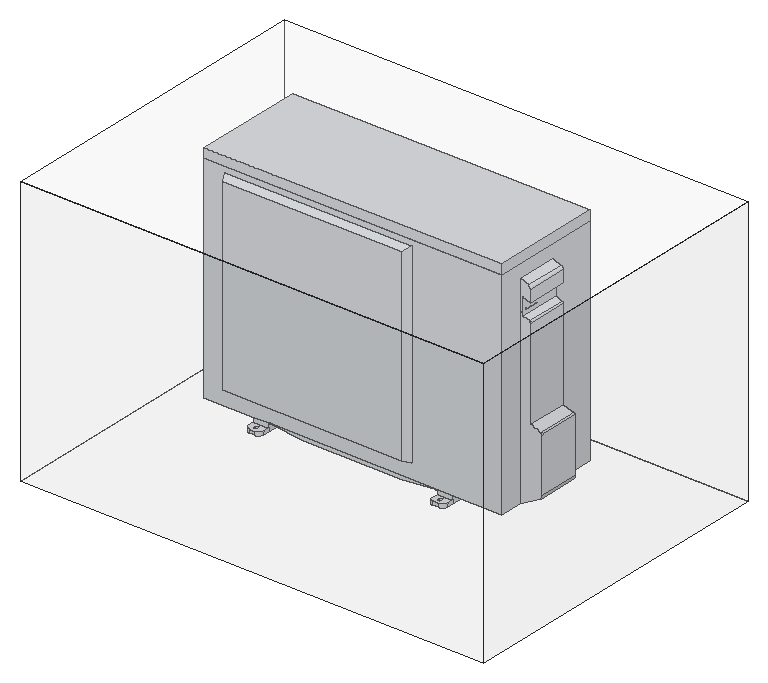
Revit family "puz-ermp40_63ska12_60Hz", category 機械設備, Revit 2019
Family settings
  丸型コネクタ寸法 = 直径を使用
  パーツ タイプ = 標準
  OmniClass 番号 = 23.75.10.24.21.27.27
  OmniClass タイトル = Split System Air Conditioning Units
  作業面ベース = いいえ
  常に垂直 = はい
  ロード時にボイドで切り取り = いいえ
  共有 = いいえ
  部屋計算ポイント = いいえ
Parameters (values of type "PUZ-ERMP63SKA12")
  音響パワーレベル（冷）(dB) = 65
  音響パワーレベル(dB) = 67
  電源種別 = ""
  電源位置Y = 61 mm
  電源位置Z = 497.7 mm
  電源位置X = 400 mm
  電圧 = 200 V
  電動機出力_送風機 = 0.04 kW
  電動機出力_圧縮機 = 1.3 kW
  集中コントローラ [instance] = ""
  運転質量 = 0.00 kg
  運転方法 = "冷暖切替"
  質量 = if(製品質量 > 運転質量, 製品質量, 運転質量) * 1.2  # 48.00 kg
  負荷分類 = 1_熱源類
  説明 = "空冷H/P PAC インバータ室外機"
  設計暖房能力 [instance] = 0 kW
  設計冷房能力_顕熱 [instance] = 0 kW
  設計冷房能力 [instance] = 0 kW
  設置方法 = "床置形"
  記号 [instance] = ""
  製造元 = "三菱電機株式会社"
  製品質量 = 40.00 kg
  製品出荷対象 = "国内"
  製品リリース年月 = "2022/10/11"
  製品グループ = ""
  系統 [instance] = ""
  符号 = "PAC"
  積算_科目 = "1 空気調和設備"
  積算_拾い区分 [instance] = ""
  相 = 1
  盤記号 [instance] = ""
  発停方法 = "付属スイッチ"
  特殊仕様 [instance] = ""
  消費電力_暖房 = 1.4 kW
  消費電力_冷房 = 1.38 kW
  消費電力 = if(消費電力_冷房 > 消費電力_暖房, 消費電力_冷房, 消費電力_暖房)  # 1.4 kW
  法定耐用年数 = "6"
  構成品番 = "PUZ-ERMP63SKA"
  極数 = 1
  材質 [instance] = ""
  本体マテリアル = none
  最小電線太さ_mm2 = 1.6
  最大電流値 = 0 A
  暖房能力 = 6.3 kW
  推奨ブレーカー容量 = 30 A
  据付ピッチ1 = 0 mm
  形式 = "パッケージ形 室外機"
  形名 = PUZ-ZRMP-1 : PUZ-ZRMP-1
  幹線記号 [instance] = ""
  始動方式 = "インバータ始動方式"
  呼称 = "パッケージ形空気調和機_室外機"
  周波数 = 60 Hz
  価格 = 659000
  ドレン　位置Z = 8.5 mm
  ドレン　位置Y = 48.5 mm
  ドレン　位置X = 404.5 mm
  アンカーボルト位置Y = 330 mm
  アンカーボルト位置X = 500 mm
  参照している仕様書等のバージョン = "公共建築物標準仕様書（機械設備工事編）平成31年度版"
  分類コード = "50053003126100"
  分類グループ = ""
  冷房能力 = 5.6 kW
  冷媒管（ガス）位置X = 420 mm
  冷媒管（液）位置X = 420 mm
  冷媒管（液）位置Y = 153.75 mm
  冷媒管（ガス）位置Y = 153.75 mm
  冷媒管長 [instance] = 0 mm
  冷媒管径符号 = "Ac"
  冷媒管径 = 60.00 mm
  冷媒管位置Z = 158.95 mm
  冷媒管位置Y = (冷媒管（液）位置Y + 冷媒管（ガス）位置Y) / 2  # 153.75 mm
  冷媒管位置X = (冷媒管（液）位置X + 冷媒管（ガス）位置X) / 2  # 420 mm
  冷媒液管径 = 6.35 mm
  冷媒ガス管径 = 12.70 mm
  企業コード = "108420"
  付属品 [instance] = ""
  仕様書バージョン = "Version1.0"
  ユニット数 = 1
  ユニット3 = yes
  ユニット2 = yes
  Model = ""
  ドレン管径 = 42.00 mm
  サービススペース = yes
  コメント [instance] = ""
  ケーブル種類1 = ""
  Width = 809 mm
  Version = ""
  Uniclass2015Version = "Systems v1.9"
  Uniclass2015Title = "Split coil remote air cooled condensing units"
  Uniclass2015Code = "Pr_70_65_03_84"
  URL = "https://www.mitsubishielectric.co.jp/ldg/wink/ssl/displayProduct.do?pid=323641"
  SpecificationReference = ""
  SpecificationDescription = ""
  Revision = ""
  ProductInformation = ""
  OmniClassCode = "23-33 17 13 11"
  IfcTypeProduct = ""
  IfcProduct = ""
  IfcExportType = "AIRCONDITIONINGUNIT"
  IfcExportAs = "IfcUnitaryEquipmentType"
  Height = 630 mm
  Depth = 300 mm
  Clearance Top = 100 mm
  Clearance Right = 350 mm
  Clearance Left = 100 mm
  Clearance Front = 500 mm
  Clearance Bottom = 0 mm
  Clearance Back = 100 mm
  COP = 0
  Author = "三菱電機株式会社"
  APF = 0
Reference planes
  plane 1 "中心(正面/背面)": y = 74
  plane 2: z = 0
  plane 3 "中心(左/右)": x = 830
  plane 4 "右": x = 1234.5
  plane 5 "左": x = 425.5
  plane 6 "背面": y = 224
  plane 7 "正面": y = -76
  plane 8 "上部": z = 630
  plane 9 "Clearanse Top": z = 730
  plane 10 "SS_back": y = 324
  plane 11 "SS_front": y = -576
  plane 12 "SS_left": x = 325.5
  plane 13 "SS_right": x = 1584.5
  plane 14: z = 0
  plane 15: y = -15
  plane 16: x = 1230
  plane 17: z = 497.7
  plane 18: y = -13
  plane 19: y = 70.25
  plane 20: x = 1250
  plane 21: y = 175.5
  plane 22: x = 830
  plane 23: z = 10.5
  plane 24: z = 8.5
  plane 25: x = 580
  plane 26: x = 1080
  plane 27: y = 239
  plane 28: y = -91
Forms (mm)
  Extrusion 1, solid, detail levels fine
    sketch origin (0, -76, 0) x (1, 0, 0) y (0, 0, 1)
      loop
        circle (1230, 497.7) r 13.5
    from -63 to -61
  Extrusion 2, solid, detail levels fine
    sketch origin (-1437.329, -1524, 54) x (-1, 0, 0) y (0, -1, 0)
      loop
        circle (-2267.329, -1699.5) r 21
    from -45.5 to -43.5
  Sweep 3, solid, material <- "本体マテリアル", detail levels fine
    path origin (1250, 1296.25, 1200) x (0, 1, 0) y (0, 0, 1)
      loop
        line (-1226, -1041.05) -> (-1272.623, -1084.565)
    profile origin (1250, 46.939, 137.193) x (0, 0.682318, -0.731055) y (1, 0, 0)
      loop
        circle (0, 0) r 30
Lines and regions (mm)
  model lines, not visible
    curve 1: line (460, 178.667, 1289.179) -> (460, 297.73, 1289.179)
    curve 2: line (460, 178.667, 1056.056) -> (460, 178.667, 1289.179)
    curve 3: line (460, 297.73, 1056.056) -> (460, 178.667, 1056.056)
    curve 4: line (460, 297.73, 1289.179) -> (460, 297.73, 1056.056)
    curve 5: line (460, 47.598, 1289.179) -> (460, 166.661, 1289.179)
    curve 6: line (460, 47.598, 1056.056) -> (460, 47.598, 1289.179)
    curve 7: line (460, 166.661, 1056.056) -> (460, 47.598, 1056.056)
    curve 8: line (460, 166.661, 1289.179) -> (460, 166.661, 1056.056)
    curve 9: line (460, -83.471, 1289.179) -> (460, 35.592, 1289.179)
    curve 10: line (460, -83.471, 1056.056) -> (460, -83.471, 1289.179)
    curve 11: line (460, 35.592, 1056.056) -> (460, -83.471, 1056.056)
    curve 12: line (460, 35.592, 1289.179) -> (460, 35.592, 1056.056)
    curve 13: line (460, -150.779, 1289.179) -> (460, -95.75, 1289.179)
    curve 14: line (460, -150.779, 1056.056) -> (460, -150.779, 1289.179)
    curve 15: line (460, -95.75, 1056.056) -> (460, -150.779, 1056.056)
    curve 16: line (460, -95.75, 1289.179) -> (460, -95.75, 1056.056)
    curve 17: line (460, -150.779, 1283.175) -> (460, -132.596, 1283.175)
    curve 18: line (460, -150.779, 1062.059) -> (460, -150.779, 1283.175)
    curve 19: line (460, -132.596, 1062.059) -> (460, -150.779, 1062.059)
    curve 20: line (460, -132.596, 1283.175) -> (460, -132.596, 1062.059)
    curve 21: line (460, 178.667, 1046.051) -> (460, 297.73, 1046.051)
    curve 22: line (460, 178.667, 812.928) -> (460, 178.667, 1046.051)
    curve 23: line (460, 297.73, 812.928) -> (460, 178.667, 812.928)
    curve 24: line (460, 297.73, 1046.051) -> (460, 297.73, 812.928)
    curve 25: line (460, 47.598, 1046.051) -> (460, 166.661, 1046.051)
    curve 26: line (460, 47.598, 812.928) -> (460, 47.598, 1046.051)
    curve 27: line (460, 166.661, 812.928) -> (460, 47.598, 812.928)
    curve 28: line (460, 166.661, 1046.051) -> (460, 166.661, 812.928)
    curve 29: line (460, -83.471, 1046.051) -> (460, 35.592, 1046.051)
    curve 30: line (460, -83.471, 812.928) -> (460, -83.471, 1046.051)
    curve 31: line (460, 35.592, 812.928) -> (460, -83.471, 812.928)
    curve 32: line (460, 35.592, 1046.051) -> (460, 35.592, 812.928)
    curve 33: line (460, -150.779, 1046.051) -> (460, -95.75, 1046.051)
    curve 34: line (460, -150.779, 812.928) -> (460, -150.779, 1046.051)
    curve 35: line (460, -95.75, 812.928) -> (460, -150.779, 812.928)
    curve 36: line (460, -95.75, 1046.051) -> (460, -95.75, 812.928)
    curve 37: line (460, -150.779, 1040.048) -> (460, -132.596, 1040.048)
    curve 38: line (460, -150.779, 818.931) -> (460, -150.779, 1040.048)
    curve 39: line (460, -132.596, 818.931) -> (460, -150.779, 818.931)
    curve 40: line (460, -132.596, 1040.048) -> (460, -132.596, 818.931)
    curve 41: line (460, 178.667, 802.923) -> (460, 297.73, 802.923)
    curve 42: line (460, 178.667, 569.8) -> (460, 178.667, 802.923)
    curve 43: line (460, 297.73, 569.8) -> (460, 178.667, 569.8)
    curve 44: line (460, 297.73, 802.923) -> (460, 297.73, 569.8)
    curve 45: line (460, 47.598, 802.923) -> (460, 166.661, 802.923)
    curve 46: line (460, 47.598, 569.8) -> (460, 47.598, 802.923)
    curve 47: line (460, 166.661, 569.8) -> (460, 47.598, 569.8)
    curve 48: line (460, 166.661, 802.923) -> (460, 166.661, 569.8)
    curve 49: line (460, -83.471, 802.923) -> (460, 35.592, 802.923)
    curve 50: line (460, -83.471, 569.8) -> (460, -83.471, 802.923)
    curve 51: line (460, 35.592, 569.8) -> (460, -83.471, 569.8)
    curve 52: line (460, 35.592, 802.923) -> (460, 35.592, 569.8)
    curve 53: line (460, -150.779, 802.923) -> (460, -95.75, 802.923)
    curve 54: line (460, -150.779, 569.8) -> (460, -150.779, 802.923)
    curve 55: line (460, -95.75, 569.8) -> (460, -150.779, 569.8)
    curve 56: line (460, -95.75, 802.923) -> (460, -95.75, 569.8)
    curve 57: line (460, -150.779, 796.92) -> (460, -132.596, 796.92)
    curve 58: line (460, -150.779, 575.803) -> (460, -150.779, 796.92)
    curve 59: line (460, -132.596, 575.803) -> (460, -150.779, 575.803)
    curve 60: line (460, -132.596, 796.92) -> (460, -132.596, 575.803)
    curve 61: line (460, 178.667, 559.795) -> (460, 297.73, 559.795)
    curve 62: line (460, 178.667, 326.672) -> (460, 178.667, 559.795)
    curve 63: line (460, 297.73, 326.672) -> (460, 178.667, 326.672)
    curve 64: line (460, 297.73, 559.795) -> (460, 297.73, 326.672)
    curve 65: line (460, 47.598, 559.795) -> (460, 166.661, 559.795)
    curve 66: line (460, 47.598, 326.672) -> (460, 47.598, 559.795)
    curve 67: line (460, 166.661, 326.672) -> (460, 47.598, 326.672)
    curve 68: line (460, 166.661, 559.795) -> (460, 166.661, 326.672)
    curve 69: line (460, -83.471, 559.795) -> (460, 35.592, 559.795)
    curve 70: line (460, -83.471, 326.672) -> (460, -83.471, 559.795)
    curve 71: line (460, 35.592, 326.672) -> (460, -83.471, 326.672)
    curve 72: line (460, 35.592, 559.795) -> (460, 35.592, 326.672)
    curve 73: line (460, -150.779, 559.795) -> (460, -95.75, 559.795)
    curve 74: line (460, -150.779, 326.672) -> (460, -150.779, 559.795)
    curve 75: line (460, -95.75, 326.672) -> (460, -150.779, 326.672)
    curve 76: line (460, -95.75, 559.795) -> (460, -95.75, 326.672)
    curve 77: line (460, -150.779, 553.792) -> (460, -132.596, 553.792)
    curve 78: line (460, -150.779, 332.675) -> (460, -150.779, 553.792)
    curve 79: line (460, -132.596, 332.675) -> (460, -150.779, 332.675)
    curve 80: line (460, -132.596, 553.792) -> (460, -132.596, 332.675)
    curve 81: line (460, 178.667, 316.667) -> (460, 297.73, 316.667)
    curve 82: line (460, 178.667, 83.544) -> (460, 178.667, 316.667)
    curve 83: line (460, 297.73, 83.544) -> (460, 178.667, 83.544)
    curve 84: line (460, 297.73, 316.667) -> (460, 297.73, 83.544)
    curve 85: line (460, 47.598, 316.667) -> (460, 166.661, 316.667)
    curve 86: line (460, 47.598, 83.544) -> (460, 47.598, 316.667)
    curve 87: line (460, 166.661, 83.544) -> (460, 47.598, 83.544)
    curve 88: line (460, 166.661, 316.667) -> (460, 166.661, 83.544)
    curve 89: line (460, -83.471, 316.667) -> (460, 35.592, 316.667)
    curve 90: line (460, -83.471, 83.544) -> (460, -83.471, 316.667)
    curve 91: line (460, 35.592, 83.544) -> (460, -83.471, 83.544)
    curve 92: line (460, 35.592, 316.667) -> (460, 35.592, 83.544)
    curve 93: line (460, -150.779, 316.667) -> (460, -95.75, 316.667)
    curve 94: line (460, -150.779, 83.544) -> (460, -150.779, 316.667)
    curve 95: line (460, -95.75, 83.544) -> (460, -150.779, 83.544)
    curve 96: line (460, -95.75, 316.667) -> (460, -95.75, 83.544)
    curve 97: line (460, -150.779, 310.664) -> (460, -132.596, 310.664)
    curve 98: line (460, -150.779, 89.547) -> (460, -150.779, 310.664)
    curve 99: line (460, -132.596, 89.547) -> (460, -150.779, 89.547)
    curve 100: line (460, -132.596, 310.664) -> (460, -132.596, 89.547)
Dimensions and locks
  equal spacing: plane 7 "正面", plane 1 "中心(正面/背面)", plane 6 "背面"
  "Depth": plane 7 "正面" to plane 6 "背面"
  "Width": plane 5 "左" to plane 4 "右"
  equal spacing: plane 5 "左", plane 3 "中心(左/右)", plane 4 "右"
  "Clearance Left": plane 12 "SS_left" to plane 5 "左"
  "Clearance Right": plane 4 "右" to plane 13 "SS_right"
  "Clearance Back": plane 6 "背面" to plane 10 "SS_back"
  "Clearance Front": plane 11 "SS_front" to plane 7 "正面"
  "Height": plane 8 "上部" to level
  "Clearance Top": plane 9 "Clearanse Top" to plane 8 "上部"
  "Clearance Bottom": level to plane 14
  "電源位置X": plane 3 "中心(左/右)" to plane 16
  "電源位置Y": plane 7 "正面" to plane 15
  "電源位置Z": plane 17 to level
  locked: plane 15 to plane 18 at 2
  "冷媒管位置X": plane 3 "中心(左/右)" to plane 20
  "冷媒管位置Y": plane 19 to plane 6 "背面"
  "ドレン　位置X": plane 5 "左" to plane 22
  "ドレン　位置Y": plane 21 to plane 6 "背面"
  locked: plane 23 to plane 24 at 2
  "ドレン　位置Z": plane 24 to level
  equal spacing: plane 28, plane 1 "中心(正面/背面)", plane 27
  "アンカーボルト位置Y": plane 28 to plane 27
  equal spacing: plane 25, plane 3 "中心(左/右)", plane 26
  "アンカーボルト位置X": plane 25 to plane 26
  radius of Extrusion 1 sketch curve = 13.5 mm
  "ドレン管径": diameter of Extrusion 2 sketch curve
  "冷媒管径": diameter of Sweep 3 sketch curve
  aligned and locked: level to plane 2
  aligned and locked: plane 10 "SS_back" to nested 1  (x2)
  aligned and locked: plane 13 "SS_right" to nested 1
  aligned and locked: plane 12 "SS_left" to nested 1  (x2)
  aligned and locked: nested 1 to plane 13 "SS_right"
  aligned and locked: plane 11 "SS_front" to nested 1
  aligned and locked: plane 9 "Clearanse Top" to nested 1
  aligned and locked: plane 1 "中心(正面/背面)" to nested 2
  aligned and locked: plane 3 "中心(左/右)" to nested 2
  aligned and locked: plane 14 to nested 1
  aligned and locked: plane 17 to Extrusion 1 sketch curve
  aligned and locked: plane 16 to Extrusion 1 sketch curve
  aligned and locked: Extrusion 1 to plane 18
  aligned and locked: plane 15 to Extrusion 1
  aligned and locked: plane 22 to Extrusion 2 sketch curve
  aligned and locked: plane 21 to Extrusion 2 sketch curve
  aligned and locked: plane 23 to Extrusion 2
  aligned and locked: Extrusion 2 to plane 24
  aligned and locked: plane 25 to nested 3
  aligned and locked: plane 27 to nested 3
Automatic sketch dimensions
  Sweep 3 sketch curve to plane 18 = 36.627 mm
  plane 1 "中心(正面/背面)" to Sweep 3 sketch curve = 3.75 mm
  plane 23 to Sweep 3 sketch curve = 104.935 mm
  Sweep 3 sketch curve to Sweep 3 sketch curve = 43.515 mm
  Sweep 3 sketch curve to plane 20 = 0 mm
  Sweep 3 sketch curve to profile plane = 0 mm
Nested families
  nested 1: "サービススペース" at (955, -126, 365), visible <- "サービススペース", type "サービススペース"
    with Width 1259 mm, Height 730 mm, Depth 900 mm
  nested 2: "PUZ-ZRMP-1" at (830, 74, 0), type <- "形名", type "PUZ-ZRMP-1"
  nested 3: "固定点" at (580, -91, 0), type "固定点"
    with 中心円 10 mm, W 500 mm, D 330 mm
Connectors
  electrical at (1230, -15, 497.7), driven by "極数", driven by "負荷分類", driven by "電圧", driven by "消費電力"
    settings: on Extrusion 1, index 2, voltage 200 V, apparent load 1400 VA, apparent load phase1 0 VA, apparent load phase2 0 VA, apparent load phase3 0 VA, power factor 1, load classification "1_熱源類", number of poles 1, system type 30, power factor state 1, is connector primary yes, connector utility no, sub classification motor no, connector description ""
  piping at (1250, 70.25, 158.95), diameter 60, driven by "冷媒管径", driven by "冷媒管径符号"
    settings: on Sweep 3, index 3, connector inside diameter 609.60 mm, connector length 0 mm, flow factor 0, pipe flow 0.0 L/s, pressure drop 0.0 Pa, fitting loss kfactor 0, connector angle 0.00°, fixture units 0, engagement length 0 mm, angle of deflection 0.00°, flow configuration 1, flow direction 2, fitting loss method 4, system type 7, joint type 0, gender type 0, connector reference index -1, connector utility 0, adjustable connector no, is connector primary yes, connector description "Ac"
Definition of nested family "サービススペース"
  Parameters (values of type "サービススペース")
    Width [instance] = 500 mm
    Height [instance] = 500 mm
    Depth [instance] = 500 mm
  Reference planes
    plane 1 "中心(正面/背面)": y = 0
    plane 2: z = 0
    plane 3 "中心(左/右)": x = 0
    plane 4: y = -250
    plane 5: x = 250
    plane 6: y = 250
    plane 7: x = -250
    plane 8: z = 250
    plane 9: z = -250
  Forms (mm)
    Extrusion 1, solid
      sketch origin (-638.939, 0, 72.39) x (1, 0, 0) y (0, 1, 0)
        loop
          line (388.939, 250) -> (388.939, -250) -> (888.939, -250) -> (888.939, 250) -> (388.939, 250)
      from -322.39 to 177.61
  Lines and regions (mm)
    symbolic lines
      curve 1: line (-250, 0, 250) -> (250, 0, 250)
      curve 2: line (-250, 0, -250) -> (-250, 0, 250)
      curve 3: line (250, 0, -250) -> (-250, 0, -250)
      curve 4: line (250, 0, 250) -> (250, 0, -250)
      curve 5: line (0, -250, 250) -> (0, 250, 250)
      curve 6: line (0, -250, -250) -> (0, -250, 250)
      curve 7: line (0, 250, -250) -> (0, -250, -250)
      curve 8: line (0, 250, 250) -> (0, 250, -250)
      curve 9: line (-250, 250, 0) -> (250, 250, 0)
      curve 10: line (-250, -250, 0) -> (-250, 250, 0)
      curve 11: line (250, -250, 0) -> (-250, -250, 0)
      curve 12: line (250, 250, 0) -> (250, -250, 0)
  Dimensions and locks
    equal spacing: plane 7, plane 3 "中心(左/右)", plane 5
    equal spacing: plane 4, plane 1 "中心(正面/背面)", plane 6
    "Depth": plane 4 to plane 6
    "Width": plane 7 to plane 5
    equal spacing: plane 8, plane 2, plane 9
    "Height": plane 8 to plane 9
    aligned and locked: plane 9 to curve 3
    aligned and locked: plane 7 to curve 2
    aligned and locked: curve 4 to plane 5
    aligned and locked: plane 5 to Extrusion 1
    aligned and locked: Extrusion 1 to plane 7
    aligned and locked: Extrusion 1 to plane 9
    aligned and locked: plane 8 to Extrusion 1
    aligned and locked: plane 9 to curve 7
  Automatic sketch dimensions
    plane 4 to Extrusion 1 sketch curve = 0 mm
    Extrusion 1 sketch curve to plane 7 = 0 mm
    Extrusion 1 sketch curve to plane 5 = 0 mm
    plane 6 to Extrusion 1 sketch curve = 0 mm
    curve 2 to plane 8 = 0 mm
    plane 4 to curve 11 = 0 mm
    curve 11 to plane 7 = 0 mm
    curve 11 to plane 5 = 0 mm
    plane 6 to curve 10 = 0 mm
    curve 7 to plane 4 = 0 mm
    curve 7 to plane 6 = 0 mm
    curve 6 to plane 8 = 0 mm
Definition of nested family "PUZ-ZRMP-1"
  Parameters (values of type "PUZ-ZRMP-1")
    配線取出口サイズ = 27 mm
    配線取出口-Z = 497.7 mm
    配線取出口-Y = 239 mm
    配線取出口-X = 400 mm
    液配管サイズ = 50 mm
    高さ = 630 mm
    換気-W = 310 mm
    換気-H2 = 632 mm
    換気-H1 = 325 mm
    換気-D = 20 mm
    奥行き = 300 mm
    吊りボルト_H = 0 mm
    吊りボルト-φ = 10 mm
    冷媒配管サイズ = 6.35 mm
    冷媒液管径-Z = 164.5 mm
    冷媒液管径-Y = 185.5 mm
    冷媒液管径-X = 420 mm
    冷媒ガス管径-Z = 99.5 mm
    冷媒ガス管径-Y = 185.5 mm
    冷媒ガス管径-X = 420 mm
    吊りボルト-W = 500 mm
    マテリアル = none
    ドレン配管サイズ = 42 mm
    ドレン管径-Z = 0 mm
    ドレン管径-Y = 251.5 mm
    ドレン管径-X = 404.5 mm
    タイプ3 = no
    タイプ2 = no
    タイプ1 = yes
    ガス配管サイズ = 12.7 mm
    吊りボルト-D = 330 mm
    幅さ = 809 mm
    a = 600 mm
  Reference planes
    plane 1 "中心(正面/背面)": y = 0
    plane 2: z = 0
    plane 3 "中心(左/右)": x = 0
    plane 4: z = 630
    plane 5: x = -404.5
    plane 6: x = 404.5
    plane 7: y = 150
    plane 8: y = -150
    plane 9: x = 466.5
    plane 10: y = -90
    plane 11: y = 20
    plane 12: z = 605
    plane 13: x = -424.5
    plane 14: x = -250
    plane 15: x = 250
    plane 16: y = 165
    plane 17: y = -165
    plane 18: x = 270
    plane 19: x = 230
    plane 20: x = -230
    plane 21: x = -270
    plane 22: y = 180
    plane 23: y = -180
    plane 24: z = 8.5
    plane 25: z = 20
    plane 26: z = 11.5
    plane 27: x = -135
    plane 28: x = 135
    plane 29: z = 625
    plane 30: y = -40
    plane 31: y = 40
    plane 32: y = -30
    plane 33: y = 30
    plane 34: z = 610
    plane 35: z = 55
    plane 36: z = 225
    plane 37: z = 570
    plane 38: x = 414.5
    plane 39: x = 435.5
    plane 40: y = -170
    plane 41: x = -94.5
    plane 42: z = 325
    plane 43: x = 159.5
    plane 44: x = -348.5
    plane 45: z = 589
    plane 46: z = 61
    plane 47: x = -338.5
    plane 48: x = 149.5
    plane 49: z = 579
    plane 50: z = 71
    plane 51: y = 100
    plane 52: y = -100
    plane 53: x = 0
    plane 54: y = 101.5
    plane 55: x = 420
    plane 56: x = 400
    plane 57: y = -89
    plane 58: y = -35.5
    plane 59: y = -35.5
    plane 60: x = 420
    plane 61: z = 99.5
    plane 62: z = 164.5
    plane 63: z = 497.7
    plane 64: y = -39
    plane 65: z = 137.3
    plane 66: z = 180.6
    plane 67: x = 420
    plane 68: y = -35.5
    plane 69 "グループ": x = -600
    plane 70: z = 1338
    plane 71: z = 943
    plane 72: z = 957
    plane 73: z = 1221
    plane 74: z = 693
    plane 75: z = 1211
    plane 76: z = 703
    plane 77: y = -12.5
    plane 78: y = 5
    plane 79: y = -3.75
  Forms (mm)
    Extrusion 1, solid, visible <- "タイプ1", detail levels fine
      sketch origin (-1437.329, -1524, 630) x (-1, 0, 0) y (0, -1, 0)
        loop
          line (-1167.329, -1674) -> (-1167.329, -1374) -> (-1207.329, -1374) -> (-1207.329, -1674) -> (-1167.329, -1674)
        loop
          line (-1667.329, -1674) -> (-1667.329, -1374) -> (-1707.329, -1374) -> (-1707.329, -1674) -> (-1667.329, -1674)
      from -630 to -610
    Extrusion 2, solid, material <- "マテリアル", visible <- "タイプ1", detail levels fine
      sketch origin (0, 0, 0) x (1, 0, 0) y (0, 0, 1)
        loop
          line (-230, 20) -> (-135, 11.5) -> (135, 11.5) -> (230, 20) -> (-230, 20)
      from -150 to 150
    Extrusion 3, solid, material <- "マテリアル", visible <- "タイプ1", detail levels fine
      sketch origin (-1437.329, -1524, 630) x (-1, 0, 0) y (0, -1, 0)
        loop
          circle (-1437.329, -1625.5) r 21
      from -621.5 to -618.5
    Extrusion 4, solid, material <- "マテリアル", visible <- "タイプ1", detail levels fine
      sketch origin (-1437.329, -1524, 630) x (-1, 0, 0) y (0, -1, 0)
        loop
          line (-1841.829, -1674) -> (-1032.829, -1674) -> (-1032.829, -1374) -> (-1841.829, -1374) -> (-1841.829, -1674)
      from -610 to -25
    Extrusion 5, solid, material <- "マテリアル", visible <- "タイプ1", detail levels fine
      sketch origin (-1437.329, -1524, 630) x (-1, 0, 0) y (0, -1, 0)
        loop
          line (-1032.829, -1674) -> (-1032.829, -1374) -> (-1841.829, -1374) -> (-1841.829, -1674) -> (-1032.829, -1674)
      from -25 to 0
    Blend 6, solid, material <- "マテリアル", visible <- "タイプ1", detail levels fine
      base sketch origin (0, 0, 0) x (0, 1, 0) y (0, 0, 1)
        loop
          line (40, 625) -> (-40, 625) -> (-40, 605) -> (40, 605) -> (40, 625)
      top sketch origin (0, 0, 0) x (0, 1, 0) y (0, 0, 1)
        loop
          line (30, 610) -> (-30, 610) -> (-30, 605) -> (30, 605) -> (30, 610)
      from -404.5 to -424.5
    Extrusion 7, solid, material <- "マテリアル", visible <- "タイプ1", detail levels fine
      sketch origin (0, 0, 0) x (1, 0, 0) y (0, 0, 1)
        loop
          line (404.5, 570) -> (404.5, 20) -> (461.416, 52.13)
          arc (461.416, 52.13) -> (465.136, 55.796) -> (466.5, 60.838) r 10
          line (466.5, 60.838) -> (466.5, 210.216)
          arc (466.5, 210.216) -> (465.596, 213.084) -> (463.21, 214.914) r 5
          line (463.21, 214.914) -> (435.5, 225) -> (435.5, 470.082)
          arc (435.5, 470.082) -> (434.596, 472.95) -> (432.21, 474.78) r 5
          line (432.21, 474.78) -> (414.5, 481.226) -> (414.5, 529.114) -> (435.5, 521.471) -> (435.5, 551.715)
          arc (435.5, 551.715) -> (433.692, 557.451) -> (428.92, 561.112) r 10
          line (428.92, 561.112) -> (404.5, 570)
      from -20 to 90
    Blend 8, solid, material <- "マテリアル", visible <- "タイプ1", detail levels fine
      base sketch origin (0, 0, 0) x (1, 0, 0) y (0, 0, 1)
        loop
          line (-348.5, 589) -> (-348.5, 61) -> (159.5, 61) -> (159.5, 589) -> (-348.5, 589)
      top sketch origin (0, 0, 0) x (1, 0, 0) y (0, 0, 1)
        loop
          line (-338.5, 579) -> (-338.5, 71) -> (149.5, 71) -> (149.5, 579) -> (-338.5, 579)
      from 150 to 170
    Extrusion 9, solid, material <- "マテリアル", visible <- "タイプ1", detail levels fine
      sketch origin (1480.036, -170, 1200) x (1, 0, 0) y (0, 0, 1)
        loop
          circle (-1080.036, -702.3) r 13.5
      from -131 to -81
    Extrusion 10, solid, visible <- "タイプ1", detail levels fine
      sketch origin (-1437.329, -1524, 630) x (-1, 0, 0) y (0, -1, 0)
        loop
          line (-1167.329, -1704) -> (-1167.329, -1674) -> (-1207.329, -1674) -> (-1207.329, -1704) -> (-1192.329, -1704) -> (-1192.329, -1689)
          arc (-1192.329, -1689) -> (-1187.329, -1684) -> (-1182.329, -1689) r 5
          line (-1182.329, -1689) -> (-1182.329, -1704) -> (-1167.329, -1704)
        loop
          line (-1667.329, -1704) -> (-1667.329, -1674) -> (-1707.329, -1674) -> (-1707.329, -1704) -> (-1692.329, -1704) -> (-1692.329, -1689)
          arc (-1692.329, -1689) -> (-1687.329, -1684) -> (-1682.329, -1689) r 5
          line (-1682.329, -1689) -> (-1682.329, -1704) -> (-1667.329, -1704)
        loop
          line (-1667.329, -1374) -> (-1667.329, -1354)
          arc (-1667.329, -1354) -> (-1670.258, -1346.929) -> (-1677.329, -1344) r 10
          line (-1677.329, -1344) -> (-1694.129, -1344)
          arc (-1694.129, -1344) -> (-1703.463, -1347.866) -> (-1707.329, -1357.2) r 13.2
          line (-1707.329, -1357.2) -> (-1707.329, -1374) -> (-1667.329, -1374)
        loop
          line (-1167.329, -1374) -> (-1167.329, -1357.2)
          arc (-1167.329, -1357.2) -> (-1171.196, -1347.866) -> (-1180.529, -1344) r 13.2
          line (-1180.529, -1344) -> (-1194.129, -1344)
          arc (-1194.129, -1344) -> (-1203.463, -1347.866) -> (-1207.329, -1357.2) r 13.2
          line (-1207.329, -1357.2) -> (-1207.329, -1374) -> (-1167.329, -1374)
        loop
          arc (-1192.329, -1359) -> (-1187.329, -1364) -> (-1182.329, -1359) r 5
          line (-1182.329, -1359) -> (-1182.329, -1357.2)
          arc (-1182.329, -1357.2) -> (-1187.329, -1352.2) -> (-1192.329, -1357.2) r 5
          line (-1192.329, -1357.2) -> (-1192.329, -1359)
        loop
          arc (-1692.329, -1359) -> (-1687.329, -1364) -> (-1682.329, -1359) r 5
          line (-1682.329, -1359) -> (-1682.329, -1357.2)
          arc (-1682.329, -1357.2) -> (-1687.329, -1352.2) -> (-1692.329, -1357.2) r 5
          line (-1692.329, -1357.2) -> (-1692.329, -1359)
      from -621.5 to -630
    Sweep 11, solid, material <- "マテリアル", visible <- "タイプ1", detail levels fine
      path origin (420, 1296.25, 1200) x (0, 1, 0) y (0, 0, 1)
        loop
          line (-1331.75, -1035.5) -> (-1308.75, -1019.4)
      profile origin (420, -24, 172.55) x (0, -0.573462, 0.819232) y (1, 0, 0)
        loop
          circle (0, 0) r 3.175
    Sweep 12, solid, material <- "マテリアル", visible <- "タイプ1", detail levels fine
      path origin (420, 1296.25, 1200) x (0, 1, 0) y (0, 0, 1)
        loop
          line (-1331.75, -1100.5) -> (-1291.25, -1062.7)
      profile origin (420, -15.25, 118.4) x (0, -0.682318, 0.731055) y (1, 0, 0)
        loop
          circle (0, 0) r 6.35
  Lines and regions (mm)
    Masking region 1, visible <- "タイプ1", detail levels coarse+medium
      outline origin (-1437.329, -1524, 630) x (-1, 0, 0) y (0, -1, 0)
        loop
          line (-1841.829, -1674) -> (-1707.329, -1674) -> (-1707.329, -1704) -> (-1667.329, -1704) -> (-1667.329, -1674) -> (-1207.329, -1674) -> (-1207.329, -1704) -> (-1167.329, -1704) -> (-1167.329, -1674) -> (-1032.829, -1674) -> (-1032.829, -1564) -> (-1012.829, -1554) -> (-1012.829, -1494) -> (-1032.829, -1484) -> (-1032.829, -1374) -> (-1088.829, -1374) -> (-1098.829, -1354) -> (-1164.523, -1354)
          arc (-1164.523, -1354) -> (-1169.205, -1346.796) -> (-1177.329, -1344) r 13.2
          line (-1177.329, -1344) -> (-1193.997, -1344)
          arc (-1193.997, -1344) -> (-1202.121, -1346.796) -> (-1206.804, -1354) r 13.2
          line (-1206.804, -1354) -> (-1586.829, -1354) -> (-1596.829, -1374) -> (-1667.329, -1374) -> (-1667.329, -1354)
          arc (-1667.329, -1354) -> (-1670.258, -1346.929) -> (-1677.329, -1344) r 10
          line (-1677.329, -1344) -> (-1694.129, -1344)
          arc (-1694.129, -1344) -> (-1703.463, -1347.866) -> (-1707.329, -1357.2) r 13.2
          line (-1707.329, -1357.2) -> (-1707.329, -1374) -> (-1841.829, -1374) -> (-1841.829, -1434) -> (-1903.829, -1434) -> (-1903.829, -1544) -> (-1841.829, -1544) -> (-1841.829, -1674)
    model lines, visible <- "タイプ1", detail levels fine
      curve 1: line (324.5, 100, 630) -> (-324.5, 100, 630)
      curve 2: line (-324.5, -100, 630) -> (324.5, -100, 630)
      curve 3: line (-324.5, -40, 630) -> (324.5, -40, 630)
      curve 4: line (324.5, 40, 630) -> (-324.5, 40, 630)
      curve 5: line (-324.5, -30, 630) -> (324.5, -30, 630)
      curve 6: line (324.5, 30, 630) -> (-324.5, 30, 630)
      curve 7: line (-324.5, 100, 630) -> (-324.5, 40, 630)
      curve 8: line (324.5, -100, 630) -> (324.5, -40, 630)
      curve 9: line (-324.5, 30, 630) -> (-324.5, -30, 630)
      curve 10: line (-324.5, -40, 630) -> (-324.5, -100, 630)
      curve 11: line (324.5, -30, 630) -> (324.5, 30, 630)
      curve 12: line (324.5, 40, 630) -> (324.5, 100, 630)
      curve 13: line (354.5, -100, 630) -> (354.5, 100, 630)
      curve 14: line (339.5, -100, 630) -> (339.5, 100, 630)
      curve 15: line (-354.5, 100, 630) -> (-354.5, -100, 630)
      curve 16: line (-339.5, 100, 630) -> (-339.5, -100, 630)
      curve 17: line (-339.5, 100, 630) -> (-354.5, 100, 630)
      curve 18: line (-339.5, -100, 630) -> (-354.5, -100, 630)
      curve 19: line (339.5, 100, 630) -> (354.5, 100, 630)
      curve 20: line (339.5, -100, 630) -> (354.5, -100, 630)
      curve 21: line (-338.5, -170, 372.5) -> (149.5, -170, 372.5)
      curve 22: line (149.5, -170, 277.5) -> (-338.5, -170, 277.5)
      curve 23: line (-338.5, -170, 467.5) -> (149.5, -170, 467.5)
      curve 24: line (-338.5, -170, 562.5) -> (149.5, -170, 562.5)
      curve 25: line (149.5, -170, 182.5) -> (-338.5, -170, 182.5)
      curve 26: line (149.5, -170, 87.5) -> (-338.5, -170, 87.5)
      curve 27: line (-321.071, -170, 579) -> (-321.071, -170, 71)
      curve 28: line (132.071, -170, 71) -> (132.071, -170, 579)
      curve 29: line (-303.643, -170, 579) -> (-303.643, -170, 71)
      curve 30: line (-286.214, -170, 579) -> (-286.214, -170, 71)
      curve 31: line (-268.786, -170, 579) -> (-268.786, -170, 71)
      curve 32: line (-251.357, -170, 579) -> (-251.357, -170, 71)
      curve 33: line (-233.929, -170, 579) -> (-233.929, -170, 71)
      curve 34: line (-216.5, -170, 579) -> (-216.5, -170, 71)
      curve 35: line (-199.071, -170, 579) -> (-199.071, -170, 71)
      curve 36: line (-181.643, -170, 579) -> (-181.643, -170, 71)
      curve 37: line (-164.214, -170, 579) -> (-164.214, -170, 71)
      curve 38: line (-146.786, -170, 579) -> (-146.786, -170, 71)
      curve 39: line (-129.357, -170, 579) -> (-129.357, -170, 71)
      curve 40: line (-111.929, -170, 579) -> (-111.929, -170, 71)
      curve 41: line (-94.5, -170, 579) -> (-94.5, -170, 71)
      curve 42: line (-77.071, -170, 579) -> (-77.071, -170, 71)
      curve 43: line (-59.643, -170, 579) -> (-59.643, -170, 71)
      curve 44: line (-42.214, -170, 579) -> (-42.214, -170, 71)
      curve 45: line (-24.786, -170, 579) -> (-24.786, -170, 71)
      curve 46: line (-7.357, -170, 579) -> (-7.357, -170, 71)
      curve 47: line (10.071, -170, 579) -> (10.071, -170, 71)
      curve 48: line (27.5, -170, 579) -> (27.5, -170, 71)
      curve 49: line (44.929, -170, 579) -> (44.929, -170, 71)
      curve 50: line (62.357, -170, 579) -> (62.357, -170, 71)
      curve 51: line (79.786, -170, 579) -> (79.786, -170, 71)
      curve 52: line (97.214, -170, 579) -> (97.214, -170, 71)
      curve 53: line (114.643, -170, 579) -> (114.643, -170, 71)
      curve 54: line (-404.5, -10, 574) -> (-404.5, -10, 584)
      curve 55: line (-404.5, -100, 584) -> (-404.5, -100, 574)
      curve 56: line (-404.5, 100, 584) -> (-404.5, 100, 574)
      curve 57: line (-404.5, 10, 584) -> (-404.5, 10, 574)
      curve 58: line (-404.5, 95, 589) -> (-404.5, 15, 589)
      curve 59: line (-404.5, -15, 589) -> (-404.5, -95, 589)
      curve 60: line (-404.5, -15, 569) -> (-404.5, -95, 569)
      curve 61: line (-404.5, 95, 569) -> (-404.5, 15, 569)
      curve 62: arc (-404.5, 100, 584) -> (-404.5, 98.536, 587.536) -> (-404.5, 95, 589) r 5
      curve 63: arc (-404.5, 95, 569) -> (-404.5, 98.536, 570.464) -> (-404.5, 100, 574) r 5
      curve 64: arc (-404.5, 10, 584) -> (-404.5, 11.464, 587.536) -> (-404.5, 15, 589) r 5
      curve 65: arc (-404.5, 10, 574) -> (-404.5, 11.464, 570.464) -> (-404.5, 15, 569) r 5
      curve 66: arc (-404.5, -10, 584) -> (-404.5, -11.464, 587.536) -> (-404.5, -15, 589) r 5
      curve 67: arc (-404.5, -15, 569) -> (-404.5, -11.464, 570.464) -> (-404.5, -10, 574) r 5
      curve 68: arc (-404.5, -95, 589) -> (-404.5, -98.536, 587.536) -> (-404.5, -100, 584) r 5
      curve 69: arc (-404.5, -100, 574) -> (-404.5, -98.536, 570.464) -> (-404.5, -95, 569) r 5
      curve 70: line (-404.5, -10, 544) -> (-404.5, -10, 554)
      curve 71: line (-404.5, -100, 554) -> (-404.5, -100, 544)
      curve 72: line (-404.5, 100, 554) -> (-404.5, 100, 544)
      curve 73: line (-404.5, 10, 554) -> (-404.5, 10, 544)
      curve 74: line (-404.5, 95, 559) -> (-404.5, 15, 559)
      curve 75: line (-404.5, -15, 559) -> (-404.5, -95, 559)
      curve 76: line (-404.5, -15, 539) -> (-404.5, -95, 539)
      curve 77: line (-404.5, 95, 539) -> (-404.5, 15, 539)
      curve 78: arc (-404.5, 100, 554) -> (-404.5, 98.536, 557.536) -> (-404.5, 95, 559) r 5
      curve 79: arc (-404.5, 95, 539) -> (-404.5, 98.536, 540.464) -> (-404.5, 100, 544) r 5
      curve 80: arc (-404.5, 10, 554) -> (-404.5, 11.464, 557.536) -> (-404.5, 15, 559) r 5
      curve 81: arc (-404.5, 10, 544) -> (-404.5, 11.464, 540.464) -> (-404.5, 15, 539) r 5
      curve 82: arc (-404.5, -10, 554) -> (-404.5, -11.464, 557.536) -> (-404.5, -15, 559) r 5
      curve 83: arc (-404.5, -15, 539) -> (-404.5, -11.464, 540.464) -> (-404.5, -10, 544) r 5
      curve 84: arc (-404.5, -95, 559) -> (-404.5, -98.536, 557.536) -> (-404.5, -100, 554) r 5
      curve 85: arc (-404.5, -100, 544) -> (-404.5, -98.536, 540.464) -> (-404.5, -95, 539) r 5
      curve 86: line (-404.5, -10, 514) -> (-404.5, -10, 524)
      curve 87: line (-404.5, -100, 524) -> (-404.5, -100, 514)
      curve 88: line (-404.5, 100, 524) -> (-404.5, 100, 514)
      curve 89: line (-404.5, 10, 524) -> (-404.5, 10, 514)
      curve 90: line (-404.5, 95, 529) -> (-404.5, 15, 529)
      curve 91: line (-404.5, -15, 529) -> (-404.5, -95, 529)
      curve 92: line (-404.5, -15, 509) -> (-404.5, -95, 509)
      curve 93: line (-404.5, 95, 509) -> (-404.5, 15, 509)
      curve 94: arc (-404.5, 100, 524) -> (-404.5, 98.536, 527.536) -> (-404.5, 95, 529) r 5
      curve 95: arc (-404.5, 95, 509) -> (-404.5, 98.536, 510.464) -> (-404.5, 100, 514) r 5
      curve 96: arc (-404.5, 10, 524) -> (-404.5, 11.464, 527.536) -> (-404.5, 15, 529) r 5
      curve 97: arc (-404.5, 10, 514) -> (-404.5, 11.464, 510.464) -> (-404.5, 15, 509) r 5
      curve 98: arc (-404.5, -10, 524) -> (-404.5, -11.464, 527.536) -> (-404.5, -15, 529) r 5
      curve 99: arc (-404.5, -15, 509) -> (-404.5, -11.464, 510.464) -> (-404.5, -10, 514) r 5
      curve 100: arc (-404.5, -95, 529) -> (-404.5, -98.536, 527.536) -> (-404.5, -100, 524) r 5
      curve 101: arc (-404.5, -100, 514) -> (-404.5, -98.536, 510.464) -> (-404.5, -95, 509) r 5
      curve 102: line (-404.5, -10, 484) -> (-404.5, -10, 494)
      curve 103: line (-404.5, -100, 494) -> (-404.5, -100, 484)
      curve 104: line (-404.5, 100, 494) -> (-404.5, 100, 484)
      curve 105: line (-404.5, 10, 494) -> (-404.5, 10, 484)
      curve 106: line (-404.5, 95, 499) -> (-404.5, 15, 499)
      curve 107: line (-404.5, -15, 499) -> (-404.5, -95, 499)
      curve 108: line (-404.5, -15, 479) -> (-404.5, -95, 479)
      curve 109: line (-404.5, 95, 479) -> (-404.5, 15, 479)
      curve 110: arc (-404.5, 100, 494) -> (-404.5, 98.536, 497.536) -> (-404.5, 95, 499) r 5
      curve 111: arc (-404.5, 95, 479) -> (-404.5, 98.536, 480.464) -> (-404.5, 100, 484) r 5
      curve 112: arc (-404.5, 10, 494) -> (-404.5, 11.464, 497.536) -> (-404.5, 15, 499) r 5
      curve 113: arc (-404.5, 10, 484) -> (-404.5, 11.464, 480.464) -> (-404.5, 15, 479) r 5
      curve 114: arc (-404.5, -10, 494) -> (-404.5, -11.464, 497.536) -> (-404.5, -15, 499) r 5
      curve 115: arc (-404.5, -15, 479) -> (-404.5, -11.464, 480.464) -> (-404.5, -10, 484) r 5
      curve 116: arc (-404.5, -95, 499) -> (-404.5, -98.536, 497.536) -> (-404.5, -100, 494) r 5
      curve 117: arc (-404.5, -100, 484) -> (-404.5, -98.536, 480.464) -> (-404.5, -95, 479) r 5
      curve 118: line (-404.5, -10, 454) -> (-404.5, -10, 464)
      curve 119: line (-404.5, -100, 464) -> (-404.5, -100, 454)
      curve 120: line (-404.5, 100, 464) -> (-404.5, 100, 454)
      curve 121: line (-404.5, 10, 464) -> (-404.5, 10, 454)
      curve 122: line (-404.5, 95, 469) -> (-404.5, 15, 469)
      curve 123: line (-404.5, -15, 469) -> (-404.5, -95, 469)
      curve 124: line (-404.5, -15, 449) -> (-404.5, -95, 449)
      curve 125: line (-404.5, 95, 449) -> (-404.5, 15, 449)
      curve 126: arc (-404.5, 100, 464) -> (-404.5, 98.536, 467.536) -> (-404.5, 95, 469) r 5
      curve 127: arc (-404.5, 95, 449) -> (-404.5, 98.536, 450.464) -> (-404.5, 100, 454) r 5
      curve 128: arc (-404.5, 10, 464) -> (-404.5, 11.464, 467.536) -> (-404.5, 15, 469) r 5
      curve 129: arc (-404.5, 10, 454) -> (-404.5, 11.464, 450.464) -> (-404.5, 15, 449) r 5
      curve 130: arc (-404.5, -10, 464) -> (-404.5, -11.464, 467.536) -> (-404.5, -15, 469) r 5
      curve 131: arc (-404.5, -15, 449) -> (-404.5, -11.464, 450.464) -> (-404.5, -10, 454) r 5
      curve 132: arc (-404.5, -95, 469) -> (-404.5, -98.536, 467.536) -> (-404.5, -100, 464) r 5
      curve 133: arc (-404.5, -100, 454) -> (-404.5, -98.536, 450.464) -> (-404.5, -95, 449) r 5
      curve 134: line (-404.5, -10, 424) -> (-404.5, -10, 434)
      curve 135: line (-404.5, -100, 434) -> (-404.5, -100, 424)
      curve 136: line (-404.5, 100, 434) -> (-404.5, 100, 424)
      curve 137: line (-404.5, 10, 434) -> (-404.5, 10, 424)
      curve 138: line (-404.5, 95, 439) -> (-404.5, 15, 439)
      curve 139: line (-404.5, -15, 439) -> (-404.5, -95, 439)
      curve 140: line (-404.5, -15, 419) -> (-404.5, -95, 419)
      curve 141: line (-404.5, 95, 419) -> (-404.5, 15, 419)
      curve 142: arc (-404.5, 100, 434) -> (-404.5, 98.536, 437.536) -> (-404.5, 95, 439) r 5
      curve 143: arc (-404.5, 95, 419) -> (-404.5, 98.536, 420.464) -> (-404.5, 100, 424) r 5
      curve 144: arc (-404.5, 10, 434) -> (-404.5, 11.464, 437.536) -> (-404.5, 15, 439) r 5
      curve 145: arc (-404.5, 10, 424) -> (-404.5, 11.464, 420.464) -> (-404.5, 15, 419) r 5
      curve 146: arc (-404.5, -10, 434) -> (-404.5, -11.464, 437.536) -> (-404.5, -15, 439) r 5
      curve 147: arc (-404.5, -15, 419) -> (-404.5, -11.464, 420.464) -> (-404.5, -10, 424) r 5
      curve 148: arc (-404.5, -95, 439) -> (-404.5, -98.536, 437.536) -> (-404.5, -100, 434) r 5
      curve 149: arc (-404.5, -100, 424) -> (-404.5, -98.536, 420.464) -> (-404.5, -95, 419) r 5
      curve 150: line (-404.5, -10, 394) -> (-404.5, -10, 404)
      curve 151: line (-404.5, -100, 404) -> (-404.5, -100, 394)
      curve 152: line (-404.5, 100, 404) -> (-404.5, 100, 394)
      curve 153: line (-404.5, 10, 404) -> (-404.5, 10, 394)
      curve 154: line (-404.5, 95, 409) -> (-404.5, 15, 409)
      curve 155: line (-404.5, -15, 409) -> (-404.5, -95, 409)
      curve 156: line (-404.5, -15, 389) -> (-404.5, -95, 389)
      curve 157: line (-404.5, 95, 389) -> (-404.5, 15, 389)
      curve 158: arc (-404.5, 100, 404) -> (-404.5, 98.536, 407.536) -> (-404.5, 95, 409) r 5
      curve 159: arc (-404.5, 95, 389) -> (-404.5, 98.536, 390.464) -> (-404.5, 100, 394) r 5
      curve 160: arc (-404.5, 10, 404) -> (-404.5, 11.464, 407.536) -> (-404.5, 15, 409) r 5
      curve 161: arc (-404.5, 10, 394) -> (-404.5, 11.464, 390.464) -> (-404.5, 15, 389) r 5
      curve 162: arc (-404.5, -10, 404) -> (-404.5, -11.464, 407.536) -> (-404.5, -15, 409) r 5
      curve 163: arc (-404.5, -15, 389) -> (-404.5, -11.464, 390.464) -> (-404.5, -10, 394) r 5
      curve 164: arc (-404.5, -95, 409) -> (-404.5, -98.536, 407.536) -> (-404.5, -100, 404) r 5
      curve 165: arc (-404.5, -100, 394) -> (-404.5, -98.536, 390.464) -> (-404.5, -95, 389) r 5
      curve 166: line (-404.5, -10, 364) -> (-404.5, -10, 374)
      curve 167: line (-404.5, -100, 374) -> (-404.5, -100, 364)
      curve 168: line (-404.5, 100, 374) -> (-404.5, 100, 364)
      curve 169: line (-404.5, 10, 374) -> (-404.5, 10, 364)
      curve 170: line (-404.5, 95, 379) -> (-404.5, 15, 379)
      curve 171: line (-404.5, -15, 379) -> (-404.5, -95, 379)
      curve 172: line (-404.5, -15, 359) -> (-404.5, -95, 359)
      curve 173: line (-404.5, 95, 359) -> (-404.5, 15, 359)
      curve 174: arc (-404.5, 100, 374) -> (-404.5, 98.536, 377.536) -> (-404.5, 95, 379) r 5
      curve 175: arc (-404.5, 95, 359) -> (-404.5, 98.536, 360.464) -> (-404.5, 100, 364) r 5
      curve 176: arc (-404.5, 10, 374) -> (-404.5, 11.464, 377.536) -> (-404.5, 15, 379) r 5
      curve 177: arc (-404.5, 10, 364) -> (-404.5, 11.464, 360.464) -> (-404.5, 15, 359) r 5
      curve 178: arc (-404.5, -10, 374) -> (-404.5, -11.464, 377.536) -> (-404.5, -15, 379) r 5
      curve 179: arc (-404.5, -15, 359) -> (-404.5, -11.464, 360.464) -> (-404.5, -10, 364) r 5
      curve 180: arc (-404.5, -95, 379) -> (-404.5, -98.536, 377.536) -> (-404.5, -100, 374) r 5
      curve 181: arc (-404.5, -100, 364) -> (-404.5, -98.536, 360.464) -> (-404.5, -95, 359) r 5
      curve 182: line (-404.5, -10, 334) -> (-404.5, -10, 344)
      curve 183: line (-404.5, -100, 344) -> (-404.5, -100, 334)
      curve 184: line (-404.5, 100, 344) -> (-404.5, 100, 334)
      curve 185: line (-404.5, 10, 344) -> (-404.5, 10, 334)
      curve 186: line (-404.5, 95, 349) -> (-404.5, 15, 349)
      curve 187: line (-404.5, -15, 349) -> (-404.5, -95, 349)
      curve 188: line (-404.5, -15, 329) -> (-404.5, -95, 329)
      curve 189: line (-404.5, 95, 329) -> (-404.5, 15, 329)
      curve 190: arc (-404.5, 100, 344) -> (-404.5, 98.536, 347.536) -> (-404.5, 95, 349) r 5
      curve 191: arc (-404.5, 95, 329) -> (-404.5, 98.536, 330.464) -> (-404.5, 100, 334) r 5
      curve 192: arc (-404.5, 10, 344) -> (-404.5, 11.464, 347.536) -> (-404.5, 15, 349) r 5
      curve 193: arc (-404.5, 10, 334) -> (-404.5, 11.464, 330.464) -> (-404.5, 15, 329) r 5
      curve 194: arc (-404.5, -10, 344) -> (-404.5, -11.464, 347.536) -> (-404.5, -15, 349) r 5
      curve 195: arc (-404.5, -15, 329) -> (-404.5, -11.464, 330.464) -> (-404.5, -10, 334) r 5
      curve 196: arc (-404.5, -95, 349) -> (-404.5, -98.536, 347.536) -> (-404.5, -100, 344) r 5
      curve 197: arc (-404.5, -100, 334) -> (-404.5, -98.536, 330.464) -> (-404.5, -95, 329) r 5
      curve 198: line (-404.5, -10, 304) -> (-404.5, -10, 314)
      curve 199: line (-404.5, -100, 314) -> (-404.5, -100, 304)
      curve 200: line (-404.5, 100, 314) -> (-404.5, 100, 304)
      curve 201: line (-404.5, 10, 314) -> (-404.5, 10, 304)
      curve 202: line (-404.5, 95, 319) -> (-404.5, 15, 319)
      curve 203: line (-404.5, -15, 319) -> (-404.5, -95, 319)
      curve 204: line (-404.5, -15, 299) -> (-404.5, -95, 299)
      curve 205: line (-404.5, 95, 299) -> (-404.5, 15, 299)
      curve 206: arc (-404.5, 100, 314) -> (-404.5, 98.536, 317.536) -> (-404.5, 95, 319) r 5
      curve 207: arc (-404.5, 95, 299) -> (-404.5, 98.536, 300.464) -> (-404.5, 100, 304) r 5
      curve 208: arc (-404.5, 10, 314) -> (-404.5, 11.464, 317.536) -> (-404.5, 15, 319) r 5
      curve 209: arc (-404.5, 10, 304) -> (-404.5, 11.464, 300.464) -> (-404.5, 15, 299) r 5
      curve 210: arc (-404.5, -10, 314) -> (-404.5, -11.464, 317.536) -> (-404.5, -15, 319) r 5
      curve 211: arc (-404.5, -15, 299) -> (-404.5, -11.464, 300.464) -> (-404.5, -10, 304) r 5
      curve 212: arc (-404.5, -95, 319) -> (-404.5, -98.536, 317.536) -> (-404.5, -100, 314) r 5
      curve 213: arc (-404.5, -100, 304) -> (-404.5, -98.536, 300.464) -> (-404.5, -95, 299) r 5
      curve 214: line (-404.5, -10, 274) -> (-404.5, -10, 284)
      curve 215: line (-404.5, -100, 284) -> (-404.5, -100, 274)
      curve 216: line (-404.5, 100, 284) -> (-404.5, 100, 274)
      curve 217: line (-404.5, 10, 284) -> (-404.5, 10, 274)
      curve 218: line (-404.5, 95, 289) -> (-404.5, 15, 289)
      curve 219: line (-404.5, -15, 289) -> (-404.5, -95, 289)
      curve 220: line (-404.5, -15, 269) -> (-404.5, -95, 269)
      curve 221: line (-404.5, 95, 269) -> (-404.5, 15, 269)
      curve 222: arc (-404.5, 100, 284) -> (-404.5, 98.536, 287.536) -> (-404.5, 95, 289) r 5
      curve 223: arc (-404.5, 95, 269) -> (-404.5, 98.536, 270.464) -> (-404.5, 100, 274) r 5
      curve 224: arc (-404.5, 10, 284) -> (-404.5, 11.464, 287.536) -> (-404.5, 15, 289) r 5
      curve 225: arc (-404.5, 10, 274) -> (-404.5, 11.464, 270.464) -> (-404.5, 15, 269) r 5
      curve 226: arc (-404.5, -10, 284) -> (-404.5, -11.464, 287.536) -> (-404.5, -15, 289) r 5
      curve 227: arc (-404.5, -15, 269) -> (-404.5, -11.464, 270.464) -> (-404.5, -10, 274) r 5
      curve 228: arc (-404.5, -95, 289) -> (-404.5, -98.536, 287.536) -> (-404.5, -100, 284) r 5
      curve 229: arc (-404.5, -100, 274) -> (-404.5, -98.536, 270.464) -> (-404.5, -95, 269) r 5
      curve 230: line (-404.5, -10, 244) -> (-404.5, -10, 254)
      curve 231: line (-404.5, -100, 254) -> (-404.5, -100, 244)
      curve 232: line (-404.5, 100, 254) -> (-404.5, 100, 244)
      curve 233: line (-404.5, 10, 254) -> (-404.5, 10, 244)
      curve 234: line (-404.5, 95, 259) -> (-404.5, 15, 259)
      curve 235: line (-404.5, -15, 259) -> (-404.5, -95, 259)
      curve 236: line (-404.5, -15, 239) -> (-404.5, -95, 239)
      curve 237: line (-404.5, 95, 239) -> (-404.5, 15, 239)
      curve 238: arc (-404.5, 100, 254) -> (-404.5, 98.536, 257.536) -> (-404.5, 95, 259) r 5
      curve 239: arc (-404.5, 95, 239) -> (-404.5, 98.536, 240.464) -> (-404.5, 100, 244) r 5
      curve 240: arc (-404.5, 10, 254) -> (-404.5, 11.464, 257.536) -> (-404.5, 15, 259) r 5
      curve 241: arc (-404.5, 10, 244) -> (-404.5, 11.464, 240.464) -> (-404.5, 15, 239) r 5
      curve 242: arc (-404.5, -10, 254) -> (-404.5, -11.464, 257.536) -> (-404.5, -15, 259) r 5
      curve 243: arc (-404.5, -15, 239) -> (-404.5, -11.464, 240.464) -> (-404.5, -10, 244) r 5
      curve 244: arc (-404.5, -95, 259) -> (-404.5, -98.536, 257.536) -> (-404.5, -100, 254) r 5
      curve 245: arc (-404.5, -100, 244) -> (-404.5, -98.536, 240.464) -> (-404.5, -95, 239) r 5
      curve 246: line (-404.5, -10, 214) -> (-404.5, -10, 224)
      curve 247: line (-404.5, -100, 224) -> (-404.5, -100, 214)
      curve 248: line (-404.5, 100, 224) -> (-404.5, 100, 214)
      curve 249: line (-404.5, 10, 224) -> (-404.5, 10, 214)
      curve 250: line (-404.5, 95, 229) -> (-404.5, 15, 229)
      curve 251: line (-404.5, -15, 229) -> (-404.5, -95, 229)
      curve 252: line (-404.5, -15, 209) -> (-404.5, -95, 209)
      curve 253: line (-404.5, 95, 209) -> (-404.5, 15, 209)
      curve 254: arc (-404.5, 100, 224) -> (-404.5, 98.536, 227.536) -> (-404.5, 95, 229) r 5
      curve 255: arc (-404.5, 95, 209) -> (-404.5, 98.536, 210.464) -> (-404.5, 100, 214) r 5
      curve 256: arc (-404.5, 10, 224) -> (-404.5, 11.464, 227.536) -> (-404.5, 15, 229) r 5
      curve 257: arc (-404.5, 10, 214) -> (-404.5, 11.464, 210.464) -> (-404.5, 15, 209) r 5
      curve 258: arc (-404.5, -10, 224) -> (-404.5, -11.464, 227.536) -> (-404.5, -15, 229) r 5
      curve 259: arc (-404.5, -15, 209) -> (-404.5, -11.464, 210.464) -> (-404.5, -10, 214) r 5
      curve 260: arc (-404.5, -95, 229) -> (-404.5, -98.536, 227.536) -> (-404.5, -100, 224) r 5
      curve 261: arc (-404.5, -100, 214) -> (-404.5, -98.536, 210.464) -> (-404.5, -95, 209) r 5
      curve 262: line (-404.5, -10, 184) -> (-404.5, -10, 194)
      curve 263: line (-404.5, -100, 194) -> (-404.5, -100, 184)
      curve 264: line (-404.5, 100, 194) -> (-404.5, 100, 184)
      curve 265: line (-404.5, 10, 194) -> (-404.5, 10, 184)
      curve 266: line (-404.5, 95, 199) -> (-404.5, 15, 199)
      curve 267: line (-404.5, -15, 199) -> (-404.5, -95, 199)
      curve 268: line (-404.5, -15, 179) -> (-404.5, -95, 179)
      curve 269: line (-404.5, 95, 179) -> (-404.5, 15, 179)
      curve 270: arc (-404.5, 100, 194) -> (-404.5, 98.536, 197.536) -> (-404.5, 95, 199) r 5
      curve 271: arc (-404.5, 95, 179) -> (-404.5, 98.536, 180.464) -> (-404.5, 100, 184) r 5
      curve 272: arc (-404.5, 10, 194) -> (-404.5, 11.464, 197.536) -> (-404.5, 15, 199) r 5
      curve 273: arc (-404.5, 10, 184) -> (-404.5, 11.464, 180.464) -> (-404.5, 15, 179) r 5
      curve 274: arc (-404.5, -10, 194) -> (-404.5, -11.464, 197.536) -> (-404.5, -15, 199) r 5
      curve 275: arc (-404.5, -15, 179) -> (-404.5, -11.464, 180.464) -> (-404.5, -10, 184) r 5
      curve 276: arc (-404.5, -95, 199) -> (-404.5, -98.536, 197.536) -> (-404.5, -100, 194) r 5
      curve 277: arc (-404.5, -100, 184) -> (-404.5, -98.536, 180.464) -> (-404.5, -95, 179) r 5
      curve 278: line (-404.5, -10, 154) -> (-404.5, -10, 164)
      curve 279: line (-404.5, -100, 164) -> (-404.5, -100, 154)
      curve 280: line (-404.5, 100, 164) -> (-404.5, 100, 154)
      curve 281: line (-404.5, 10, 164) -> (-404.5, 10, 154)
      curve 282: line (-404.5, 95, 169) -> (-404.5, 15, 169)
      curve 283: line (-404.5, -15, 169) -> (-404.5, -95, 169)
      curve 284: line (-404.5, -15, 149) -> (-404.5, -95, 149)
      curve 285: line (-404.5, 95, 149) -> (-404.5, 15, 149)
      curve 286: arc (-404.5, 100, 164) -> (-404.5, 98.536, 167.536) -> (-404.5, 95, 169) r 5
      curve 287: arc (-404.5, 95, 149) -> (-404.5, 98.536, 150.464) -> (-404.5, 100, 154) r 5
      curve 288: arc (-404.5, 10, 164) -> (-404.5, 11.464, 167.536) -> (-404.5, 15, 169) r 5
      curve 289: arc (-404.5, 10, 154) -> (-404.5, 11.464, 150.464) -> (-404.5, 15, 149) r 5
      curve 290: arc (-404.5, -10, 164) -> (-404.5, -11.464, 167.536) -> (-404.5, -15, 169) r 5
      curve 291: arc (-404.5, -15, 149) -> (-404.5, -11.464, 150.464) -> (-404.5, -10, 154) r 5
      curve 292: arc (-404.5, -95, 169) -> (-404.5, -98.536, 167.536) -> (-404.5, -100, 164) r 5
      curve 293: arc (-404.5, -100, 154) -> (-404.5, -98.536, 150.464) -> (-404.5, -95, 149) r 5
      curve 294: line (-404.5, -10, 124) -> (-404.5, -10, 134)
      curve 295: line (-404.5, -100, 134) -> (-404.5, -100, 124)
      curve 296: line (-404.5, 100, 134) -> (-404.5, 100, 124)
      curve 297: line (-404.5, 10, 134) -> (-404.5, 10, 124)
      curve 298: line (-404.5, 95, 139) -> (-404.5, 15, 139)
      curve 299: line (-404.5, -15, 139) -> (-404.5, -95, 139)
      curve 300: line (-404.5, -15, 119) -> (-404.5, -95, 119)
      curve 301: line (-404.5, 95, 119) -> (-404.5, 15, 119)
      curve 302: arc (-404.5, 100, 134) -> (-404.5, 98.536, 137.536) -> (-404.5, 95, 139) r 5
      curve 303: arc (-404.5, 95, 119) -> (-404.5, 98.536, 120.464) -> (-404.5, 100, 124) r 5
      curve 304: arc (-404.5, 10, 134) -> (-404.5, 11.464, 137.536) -> (-404.5, 15, 139) r 5
      curve 305: arc (-404.5, 10, 124) -> (-404.5, 11.464, 120.464) -> (-404.5, 15, 119) r 5
      curve 306: arc (-404.5, -10, 134) -> (-404.5, -11.464, 137.536) -> (-404.5, -15, 139) r 5
      curve 307: arc (-404.5, -15, 119) -> (-404.5, -11.464, 120.464) -> (-404.5, -10, 124) r 5
      curve 308: arc (-404.5, -95, 139) -> (-404.5, -98.536, 137.536) -> (-404.5, -100, 134) r 5
      curve 309: arc (-404.5, -100, 124) -> (-404.5, -98.536, 120.464) -> (-404.5, -95, 119) r 5
      curve 310: line (-404.5, -10, 94) -> (-404.5, -10, 104)
      curve 311: line (-404.5, -100, 104) -> (-404.5, -100, 94)
      curve 312: line (-404.5, 100, 104) -> (-404.5, 100, 94)
      curve 313: line (-404.5, 10, 104) -> (-404.5, 10, 94)
      curve 314: line (-404.5, 95, 109) -> (-404.5, 15, 109)
      curve 315: line (-404.5, -15, 109) -> (-404.5, -95, 109)
      curve 316: line (-404.5, -15, 89) -> (-404.5, -95, 89)
      curve 317: line (-404.5, 95, 89) -> (-404.5, 15, 89)
      curve 318: arc (-404.5, 100, 104) -> (-404.5, 98.536, 107.536) -> (-404.5, 95, 109) r 5
      curve 319: arc (-404.5, 95, 89) -> (-404.5, 98.536, 90.464) -> (-404.5, 100, 94) r 5
      curve 320: arc (-404.5, 10, 104) -> (-404.5, 11.464, 107.536) -> (-404.5, 15, 109) r 5
      curve 321: arc (-404.5, 10, 94) -> (-404.5, 11.464, 90.464) -> (-404.5, 15, 89) r 5
      curve 322: arc (-404.5, -10, 104) -> (-404.5, -11.464, 107.536) -> (-404.5, -15, 109) r 5
      curve 323: arc (-404.5, -15, 89) -> (-404.5, -11.464, 90.464) -> (-404.5, -10, 94) r 5
      curve 324: arc (-404.5, -95, 109) -> (-404.5, -98.536, 107.536) -> (-404.5, -100, 104) r 5
      curve 325: arc (-404.5, -100, 94) -> (-404.5, -98.536, 90.464) -> (-404.5, -95, 89) r 5
      curve 326: line (-404.5, -10, 64) -> (-404.5, -10, 74)
      curve 327: line (-404.5, -100, 74) -> (-404.5, -100, 64)
      curve 328: line (-404.5, 100, 74) -> (-404.5, 100, 64)
      curve 329: line (-404.5, 10, 74) -> (-404.5, 10, 64)
      curve 330: line (-404.5, 95, 79) -> (-404.5, 15, 79)
      curve 331: line (-404.5, -15, 79) -> (-404.5, -95, 79)
      curve 332: line (-404.5, -15, 59) -> (-404.5, -95, 59)
      curve 333: line (-404.5, 95, 59) -> (-404.5, 15, 59)
      curve 334: arc (-404.5, 100, 74) -> (-404.5, 98.536, 77.536) -> (-404.5, 95, 79) r 5
      curve 335: arc (-404.5, 95, 59) -> (-404.5, 98.536, 60.464) -> (-404.5, 100, 64) r 5
      curve 336: arc (-404.5, 10, 74) -> (-404.5, 11.464, 77.536) -> (-404.5, 15, 79) r 5
      curve 337: arc (-404.5, 10, 64) -> (-404.5, 11.464, 60.464) -> (-404.5, 15, 59) r 5
      curve 338: arc (-404.5, -10, 74) -> (-404.5, -11.464, 77.536) -> (-404.5, -15, 79) r 5
      curve 339: arc (-404.5, -15, 59) -> (-404.5, -11.464, 60.464) -> (-404.5, -10, 64) r 5
      curve 340: arc (-404.5, -95, 79) -> (-404.5, -98.536, 77.536) -> (-404.5, -100, 74) r 5
      curve 341: arc (-404.5, -100, 64) -> (-404.5, -98.536, 60.464) -> (-404.5, -95, 59) r 5
